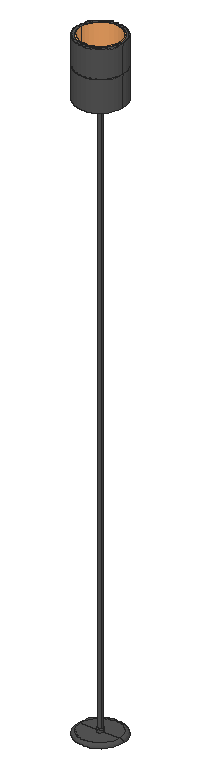
Revit family "MELO CYLINDER PENDANT LIGHT", category Lighting Fixtures, host Face, Revit 2020 (continued)
Types (16): name | Wattage_Input | Wattage Comments | Wattage | Voltage_Input | Size 08 | Size 06 | Size 04 | Selectable Wattage | Photometric Web File | Pendent Rod Length_1 | Pendent | Order number | built-in parameter 1150142 | Model | built-in parameter 1150105 | Lumens | built-in parameter 1150106 | Fixture Diameter | Canopy for Surface Mount J-box | Canopy for Recessed J-Box | Canopy Height | C2 H | C1 H | BEAMING ANGLE
    0.52 10846.56 \r\n 10500.36 10111.95 9679.93  9211.34  8698.71  8161.26  7583.32  6971.58  6343.55  5695.17  \r\n 5052.70  4428.15  3868.62  3349.14  2876.08  2452.79  2076.00  1744.23  1463.06  1243.37  \r\n 1024.28  860.61   730.83   622.75   540.64   472.70   412.13   363.82   316.41   271.78   \r\n 238.35   211.71   183.91   157.84   137.77   117.76   105.28   95.15    85.91    70.86    \r\n 58.61    50.89    45.88    42.97    41.25    39.88    38.52    37.18    36.00    34.67    \r\n 33.53    32.05    30.62    29.21    27.79    26.35    24.95    23.56    22.19    20.86    \r\n 19.50    18.26    16.95    15.78    14.53    13.39    12.25    11.19    10.11    9.09     \r\n 8.10     7.14     6.22     5.33     4.44     3.55     2.62     1.85     1.17     0.57     \r\n 0.17     0.14     0.14     0.14     0.14     0.14     0.14     0.14     0.14     0.14     \r\n 0.14     0.14     0.14     0.14     0.14     0.14     0.14     0.14     0.14     0.16     \r\n 0.16     0.16     0.17     0.18     0.21     0.21     0.22     0.22     0.22     0.24     \r\n 0.26     0.29     0.29     0.31     0.36     0.37     0.40     0.43     0.48     0.52     \r\n 0.58     0.65     0.75     0.81     0.90     1.02     1.15     1.34     1.48     1.68     \r\n 1.93     2.17     2.46     2.80     3.16     3.56     4.00     4.46     4.96     5.49     \r\n 6.06     6.61     7.22     7.83     8.45     9.08     9.71     10.33    10.94    11.53    \r\n 12.13    12.70    13.30    13.86    14.44    14.98    15.48    15.99    16.47    16.98    \r\n 17.43    17.91    18.38    18.80    19.18    19.56    19.90    20.17    20.38    20.53    \r\n 20.88    \r\n12587.43 12568.46 12490.39 12387.29 12252.50 12097.62 11892.03 11654.88 11378.95 11071.16 \r\n 10712.85 10321.14 9888.26  9400.06  8892.03  8326.08  7768.08  7130.48  6486.71  5837.26  \r\n 5163.38  4564.65  3975.24  3460.01  2960.14  2535.96  2148.24  1804.07  1505.29  1283.13  \r\n 1061.93  890.29   757.53   644.16   560.60   493.47   429.22   378.55   330.81   284.49   \r\n 249.79   221.74   192.71   165.64   144.66   123.74   110.17   99.27    89.18    74.06    \r\n 60.54    52.09    46.83    43.71    41.90    40.50    39.12    37.72    36.51    35.21    \r\n 34.09    32.68    31.18    29.79    28.36    26.92    25.49    24.07    22.68    21.30    \r\n 19.98    18.64    17.35    16.11    14.89    13.71    12.55    11.42    10.36    9.31     \r\n 8.29     7.29     6.35     5.45     4.52     3.57     2.66     1.78     1.18     0.60     \r\n 0.17     0.15     0.15     0.15     0.15     0.16     0.15     0.15     0.15     0.15     \r\n 0.15     0.15     0.15     0.15     0.15     0.15     0.15     0.16     0.16     0.17     \r\n 0.18     0.20     0.21     0.22     0.22     0.22     0.24     0.25     0.25     0.28     \r\n 0.29     0.29     0.31     0.38     0.38     0.40     0.46     0.45     0.50     0.58     \r\n 0.60     0.66     0.74     0.82     0.91     1.04     1.17     1.31     1.48     1.66     \r\n 1.88     2.14     2.42     2.73     3.07     3.45     3.86     4.29     4.77     5.28     \r\n 5.80     6.35     6.93     7.51     8.13     8.73     9.36     9.97     10.61    11.22    \r\n 11.83    12.44    13.04    13.64    14.22    14.79    15.35    15.93    16.50    17.04    \r\n 17.56    18.13    18.64    19.13    19.61    20.08    20.46    20.79    21.05    21.23    \r\n 20.88    \r\n12547.32 12538.30 12472.12 12374.22 12249.74 12096.63 11896.26 11665.01 11397.15 11094.86 \r\n 10755.60 10381.53 9948.84  9480.06  8969.70  8433.25  7870.91  7253.01  6619.37  5962.23  \r\n 5312.31  4673.74  4101.33  3565.73  3102.89  2640.67  2247.48  1897.08  1593.94  1333.18  \r\n 1119.00  940.45   797.01   678.43   588.77   512.73   446.28   390.13   344.01   299.97   \r\n 256.09   228.05   199.68   172.38   149.01   128.05   114.59   102.56   90.97    78.64    \r\n 61.98    52.92    47.17    43.62    41.59    40.16    38.81    37.38    36.08    34.88    \r\n 33.75    32.51    31.03    29.66    28.24    26.86    25.46    24.08    22.73    21.37    \r\n 20.07    18.76    17.48    16.23    15.04    13.86    12.72    11.61    10.53    9.50     \r\n 8.48     7.52     6.57     5.69     4.79     3.88     2.97     2.10     1.44     0.84     \r\n 0.16     0.13     0.13     0.13     0.14     0.14     0.14     0.14     0.14     0.15     \r\n 0.16     0.16     0.16     0.17     0.17     0.17     0.18     0.19     0.18     0.20     \r\n 0.20     0.21     0.21     0.22     0.23     0.23     0.25     0.27     0.27     0.28     \r\n 0.30     0.32     0.34     0.36     0.39     0.41     0.45     0.48     0.52     0.57     \r\n 0.62     0.68     0.74     0.82     0.92     1.02     1.14     1.28     1.44     1.63     \r\n 1.83     2.07     2.33     2.63     2.96     3.33     3.72     4.14     4.61     5.10     \r\n 5.62     6.16     6.72     7.29     7.90     8.50     9.13     9.75     10.37    10.99    \r\n 11.58    12.20    12.82    13.42    14.02    14.61    15.19    15.76    16.29    16.82    \r\n 17.36    17.92    18.45    18.96    19.47    19.96    20.39    20.75    21.02    21.24    \r\n 20.88    \r\n12513.47 12500.14 12431.52 12336.96 12215.87 12062.06 11860.69 11631.56 11359.94 11057.35 \r\n 10718.78 10346.52 9919.02  9454.79  8946.54  8409.68  7859.00  7241.62  6603.25  5942.15  \r\n 5284.06  4648.50  4064.76  3536.00  3049.11  2627.41  2238.31  1896.00  1598.64  1365.23  \r\n 1132.61  953.97   805.60   687.87   595.51   519.77   447.78   393.42   344.72   295.65   \r\n 258.01   229.93   201.20   173.48   150.91   128.39   113.41   101.49   91.00    77.42    \r\n 61.36    52.25    46.35    42.99    40.91    39.57    38.26    36.88    35.60    34.39    \r\n 33.30    32.05    30.58    29.21    27.83    26.44    25.08    23.73    22.39    21.07    \r\n 19.79    18.52    17.27    16.08    14.91    13.77    12.66    11.57    10.54    9.53     \r\n 8.54     7.58     6.63     5.71     4.85     4.00     3.20     2.41     1.67     0.94     \r\n 0.24     0.15     0.14     0.14     0.14     0.14     0.14     0.15     0.15     0.15     \r\n 0.15     0.15     0.15     0.15     0.15     0.15     0.15     0.15     0.16     0.16     \r\n 0.17     0.18     0.19     0.21     0.22     0.22     0.22     0.22     0.24     0.29     \r\n 0.31     0.31     0.31     0.32     0.36     0.38     0.43     0.44     0.48     0.53     \r\n 0.59     0.65     0.71     0.82     0.91     0.98     1.12     1.26     1.41     1.59     \r\n 1.79     2.04     2.31     2.60     2.93     3.29     3.72     4.11     4.58     5.07     \r\n 5.60     6.12     6.69     7.26     7.87     8.49     9.08     9.70     10.30    10.92    \r\n 11.52    12.12    12.71    13.30    13.89    14.48    15.08    15.68    16.24    16.79    \r\n 17.33    17.90    18.39    18.90    19.38    19.84    20.26    20.63    20.91    21.13    \r\n 20.88    \r\n12478.63 12473.93 12418.18 12330.75 12221.42 12080.63 11892.55 11669.48 11422.38 11135.67 \r\n 10803.57 10441.87 10027.67 9575.88  9073.60  8548.63  8007.99  7400.03  6775.79  6119.09  \r\n 5465.87  4825.30  4237.81  3699.33  3229.62  2760.51  2358.28  1996.68  1683.95  1419.37  \r\n 1189.27  1001.95  847.89   723.67   625.71   546.13   471.32   411.36   361.55   310.08   \r\n 273.59   237.14   208.33   179.78   153.83   132.79   116.64   104.15   93.55    81.34    \r\n 63.55    53.80    47.36    43.37    41.06    39.56    38.19    36.85    35.52    34.30    \r\n 33.04    31.92    30.43    29.10    27.73    26.38    25.03    23.69    22.38    21.06    \r\n 19.80    18.54    17.31    16.10    14.96    13.81    12.71    11.64    10.61    9.61     \r\n 8.63     7.69     6.76     5.89     5.01     4.17     3.37     2.58     1.83     1.11     \r\n 0.42     0.12     0.12     0.13     0.13     0.14     0.14     0.14     0.14     0.15     \r\n 0.16     0.17     0.17     0.17     0.17     0.17     0.17     0.18     0.19     0.19     \r\n 0.20     0.20     0.21     0.21     0.22     0.24     0.24     0.25     0.27     0.28     \r\n 0.29     0.31     0.33     0.35     0.37     0.41     0.43     0.47     0.50     0.54     \r\n 0.58     0.64     0.71     0.78     0.87     0.98     1.09     1.22     1.38     1.56     \r\n 1.75     1.98     2.23     2.51     2.84     3.19     3.57     4.00     4.44     4.92     \r\n 5.42     5.94     6.50     7.07     7.67     8.27     8.88     9.50     10.12    10.73    \r\n 11.34    11.95    12.55    13.16    13.74    14.32    14.91    15.50    16.06    16.65    \r\n 17.25    17.83    18.37    18.88    19.38    19.85    20.27    20.65    20.96    21.20    \r\n 20.88    \r\n12454.62 12446.05 12392.02 12309.82 12205.74 12072.70 11885.64 11666.52 11411.88 11139.01 \r\n 10803.59 10441.21 10034.45 9576.54  9093.22  8564.12  8031.77  7419.30  6803.00  6125.31  \r\n 5478.26  4865.32  4273.87  3732.36  3233.15  2781.30  2366.55  1999.64  1683.25  1410.57  \r\n 1203.07  996.37   842.17   717.71   620.17   540.87   467.93   409.27   357.68   304.20   \r\n 264.72   235.60   206.61   178.68   153.41   131.84   116.48   104.22   93.72    81.07    \r\n 63.02    53.39    46.79    42.92    40.63    39.16    37.78    36.43    35.15    33.91    \r\n 32.63    31.47    30.03    28.70    27.37    26.02    24.71    23.39    22.10    20.82    \r\n 19.58    18.34    17.12    15.96    14.82    13.71    12.61    11.55    10.52    9.52     \r\n 8.55     7.60     6.67     5.78     4.94     4.10     3.31     2.53     1.78     1.08     \r\n 0.42     0.15     0.14     0.14     0.14     0.14     0.14     0.14     0.14     0.14     \r\n 0.14     0.14     0.14     0.14     0.14     0.14     0.14     0.15     0.16     0.15     \r\n 0.17     0.17     0.18     0.20     0.21     0.22     0.21     0.22     0.23     0.24     \r\n 0.28     0.29     0.30     0.32     0.35     0.37     0.39     0.43     0.46     0.51     \r\n 0.56     0.61     0.67     0.76     0.83     0.94     1.05     1.19     1.34     1.52     \r\n 1.70     1.93     2.19     2.49     2.81     3.18     3.56     3.98     4.42     4.91     \r\n 5.41     5.94     6.49     7.07     7.67     8.27     8.89     9.50     10.12    10.74    \r\n 11.35    11.95    12.55    13.14    13.73    14.32    14.91    15.47    16.04    16.59    \r\n 17.14    17.70    18.24    18.74    19.25    19.72    20.16    20.55    20.85    21.07    \r\n 20.88    \r\n12425.06 12420.03 12380.82 12302.94 12210.63 12082.29 11918.61 11695.25 11465.57 11185.65 \r\n 10880.53 10540.40 10118.46 9698.26  9206.55  8707.89  8168.02  7590.94  6955.52  6307.63  \r\n 5640.71  5052.93  4420.02  3905.68  3398.32  2883.77  2492.60  2084.31  1766.08  1479.97  \r\n 1219.21  1034.31  863.04   740.59   633.45   549.52   479.38   416.58   368.85   316.64   \r\n 264.66   235.34   208.38   179.47   155.04   133.18   118.17   105.70   94.48    83.34    \r\n 64.01    54.77    47.48    43.27    40.63    39.06    37.66    36.36    35.09    33.75    \r\n 32.41    31.26    29.94    28.54    27.25    25.90    24.69    23.35    22.08    20.90    \r\n 19.50    18.45    17.14    16.02    14.91    13.70    12.70    11.57    10.63    9.59     \r\n 8.63     7.68     6.77     5.93     5.04     4.24     3.43     2.67     1.91     1.22     \r\n 0.51     0.12     0.12     0.12     0.12     0.12     0.13     0.13     0.14     0.14     \r\n 0.14     0.14     0.15     0.16     0.16     0.16     0.17     0.17     0.18     0.18     \r\n 0.18     0.20     0.21     0.21     0.21     0.23     0.24     0.25     0.26     0.28     \r\n 0.28     0.30     0.32     0.34     0.36     0.39     0.42     0.45     0.48     0.52     \r\n 0.57     0.63     0.69     0.75     0.84     0.93     1.05     1.18     1.33     1.50     \r\n 1.70     1.91     2.15     2.43     2.75     3.10     3.48     3.88     4.32     4.80     \r\n 5.30     5.82     6.38     6.92     7.52     8.11     8.72     9.34     9.96     10.58    \r\n 11.20    11.80    12.42    13.01    13.59    14.18    14.76    15.35    15.94    16.49    \r\n 17.04    17.59    18.11    18.63    19.09    19.56    19.99    20.38    20.72    20.94    \r\n 20.88    \r\n12402.91 12392.51 12350.66 12274.68 12175.36 12051.26 11876.48 11661.26 11412.75 11145.11 \r\n 10829.91 10481.81 10081.30 9646.91  9168.07  8652.15  8125.55  7538.90  6909.34  6238.51  \r\n 5592.95  4959.88  4367.73  3819.18  3305.35  2847.72  2423.99  2054.65  1727.46  1447.16  \r\n 1232.07  1017.77  856.26   727.08   625.52   544.19   472.65   414.47   359.38   299.54   \r\n 261.06   232.66   204.18   176.06   150.58   129.56   114.58   102.85   92.61    80.49    \r\n 62.06    52.82    46.46    42.49    40.16    38.70    37.36    36.02    34.72    33.36    \r\n 31.97    30.87    29.47    28.14    26.84    25.55    24.27    22.99    21.73    20.50    \r\n 19.28    18.08    16.90    15.77    14.64    13.55    12.48    11.43    10.43    9.45     \r\n 8.49     7.55     6.62     5.76     4.91     4.12     3.32     2.55     1.82     1.13     \r\n 0.45     0.14     0.14     0.14     0.14     0.14     0.14     0.14     0.14     0.15     \r\n 0.15     0.15     0.15     0.15     0.15     0.15     0.15     0.15     0.15     0.15     \r\n 0.16     0.17     0.18     0.21     0.22     0.22     0.22     0.22     0.24     0.25     \r\n 0.28     0.29     0.29     0.31     0.38     0.39     0.39     0.44     0.46     0.51     \r\n 0.54     0.59     0.66     0.76     0.82     0.91     1.03     1.19     1.32     1.49     \r\n 1.68     1.92     2.17     2.46     2.78     3.13     3.52     3.94     4.38     4.85     \r\n 5.37     5.88     6.43     7.01     7.59     8.22     8.80     9.40     10.00    10.62    \r\n 11.20    11.80    12.39    12.95    13.51    14.08    14.66    15.23    15.80    16.32    \r\n 16.86    17.40    17.92    18.41    18.90    19.37    19.80    20.20    20.52    20.76    \r\n 20.88    \r\n" | "MELO06R-SP30801-10D-36-GD-BK" | 4200 (stored number, unit not read) | 4200 lm | 42 (stored number, unit not read) | 0' - 5 205/256" | no | yes | 0' - 0 1/2" | 0' - 2 109/128" | 0' - 3 13/256" | 36.00°
